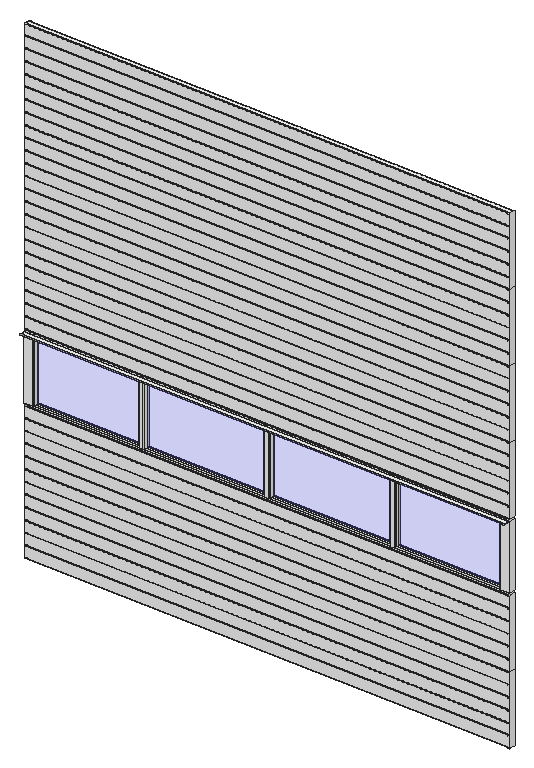
Revit family
Parameters (values of type "By Type")
  Windload = "Doors available rated for various design pressures; consult Clopay for avaialbility and specifications"
  VisSection6 = NumSections = 6  # no
  VisSection5 = NumSections > 4  # yes
  VisSection4 = NumSections > 3  # yes
  VisSection3 = NumSections > 2  # yes
  VisArray = NumSections > 6  # yes
  URL = "www.clopaydoor.com"
  Track = "Galvanized steel (gauge varies according to door size)"
  Thickness = 0' - 2"  # constant formula
  Spec Wizard = "http://www.arcat.com/specwizard/08360clo/index.htm"
  Section Height = Height / NumSections  # 2' - 0"
  Section 5 Glazing = Section : Solid
  Section 4 Glazing = Section : Solid
  Section 3 Glazing = Full Vision Section : Intermediate
  Sales Information = "http://www.clopaydoor.com/where-to-buy.aspx?type=dealer"
  Rough Width = 0' - 0"  # constant formula
  Rough Height = 0' - 0"  # constant formula
  R-Value = "17.2"
  Product Features and Benefits = "http://www.clopaydoor.com/insulated-polyurethane-applications.aspx"
  Overlapping Jamb = yes
  Overlap = if(Overlapping Jamb, 0' 1", 0' 0")  # 0' - 1"
  Opening Width = 14' - 0"
  Opening Height = 14' - 0"
  Omniclass Table = "23-30 10 17 37 "
  NumSectionsNotRounded = Height / 2' 0"  # 7
  NumSections = NumSectionsNotRounded + 0.4999  # 7
  NumArraySections = if(NumSections > 6, NumSections - 5, 2)  # 2
  Model = "3722"
  Maximum Size = "Maximum 32' 2'' wide by 26' 0'' high. Additional limitations may apply do to door weight. Consult Clopay for specificiations and shop drawings."  # constant formula
  Manufacturer Website = "http://www.clopaydoor.com"
  Manufacturer Phone Number = "1-800-526-4301"
  Manufacturer Address = "1400 W. Market St., Troy, OH 45373"
  Manufacturer = "Clopay Building Products Company"
  LEED = "http://products.construction.com/swts_content_files/151607/303186.pdf"
  Keynote = "08 36 13"
  Interior Steel = "28 ga. galvanized, primed, and finish painted"
  Hardware = "14 ga. min. steel hinges; 10-ball steel rollers"
  GreenFormat = "http://www.greenformat.com/products/1536-Polyurethane%20Insulated%20Doors.rtf"
  Function = (empty or 0)
  Height = Opening Height + Rough Width * 0  # 14' - 0"
  Wall Closure = (empty or 0)
  Width = Opening Width + Rough Width * 0  # 14' - 0"
  FloorToSection7 = 6 * Section Height  # 12' - 0"
  FloorToSection6 = 5 * Section Height  # 10' - 0"
  FloorToSection5 = 4 * Section Height  # 8' - 0"
  FloorToSection4 = 3 * Section Height  # 6' - 0"
  FloorToSection3 = 2 * Section Height  # 4' - 0"
  FloorToSection2 = Section Height  # 2' - 0"
  File Revision = "02 (August, 2012)"
  Exterior Steel = "20 ga. galvanized, primed, and finish painted"
  Double End Stiles = Door Width > 14' 2"  # no
  Door Width = Opening Width + Overlap * 2  # 14' - 2"
  Door Height = Opening Height + Rough Width * 0  # 14' - 0"
  Description = "2'' thick polyurethane insulated, stucco embossed 20 gauge steel flush exterior."
  Core Material = "Expanded polyurethane"
  Copyright = "2010, Clopay Building Products Company, Inc."
  Color = White
  CAD and Specifications = "http://www.clopaydoor.com/insulated-polyurethane-specs.aspx"
  Assembly Code = "B2030410"
Reference planes (in)
  plane 1 "Center (Front/Back)": y = 0
  plane 2 "Center (Left/Right)": x = 0
  plane 3 "Left": x = -84
  plane 4 "Right": x = 84
  plane 5 "Top": z = 168
  plane 6 "Exterior": y = 3
  plane 7 "Interior": y = -3
  plane 8: z = 120
  plane 9: z = 144
Lines and regions (in)
  Opening 1
    outline origin (-90, -3, 0) x (1, 0, 0) y (0, 0, 1)
      loop
        line (6, 0) -> (174, 0) -> (174, 168) -> (6, 168) -> (6, 0)
Text (in)
  text "Exterior" at (-74.96733, 27.31104, 0), in view "Ref. Level"
  text "Interior" at (-74.96733, -25.14366, 0), in view "Ref. Level"
  text "Exterior" at (0, 40.15149, 123.01588), in view "Right"
  text "Interior" at (0, -64.39139, 123.01588), in view "Right"
  text "Interior" at (0, -31.01599, 123.00693), in view "Left"
  text "Exterior" at (0, 54.57065, 123.00693), in view "Left"
Dimensions and locks (in)
  equal spacing: plane 3 "Left", plane 2 "Center (Left/Right)", plane 4 "Right"
  "Height": level to plane 5 "Top"
  "Width": plane 3 "Left" to plane 4 "Right"
  host wall to plane 5 "Top" = 14' - 0"
  nested 1 to plane 7 "Interior" = 0' - 0 1/2"
  "FloorToSection6": plane 8 to level
  "FloorToSection7": plane 9 to level
  group 1 to group 2 = 0' - 0"  (x2)
  group 1 to group 2 = 2' - 0"
  host wall to host wall = 67' - 6"
  aligned and locked: plane 3 "Left" to Opening 1 sketch curve
  aligned and locked: plane 5 "Top" to Opening 1 sketch curve
  aligned and locked: Opening 1 sketch curve to plane 5 "Top"
  aligned and locked: Opening 1 sketch curve to plane 4 "Right"
  aligned and locked: Opening 1 sketch curve to level
  aligned and locked: plane 6 "Exterior" to host wall
  aligned and locked: host wall to plane 7 "Interior"
  aligned and locked: plane 2 "Center (Left/Right)" to nested 2
  aligned and locked: plane 2 "Center (Left/Right)" to nested 3
  aligned and locked: plane 2 "Center (Left/Right)" to nested 4
  aligned and locked: plane 2 "Center (Left/Right)" to nested 5
  aligned and locked: plane 2 "Center (Left/Right)" to nested 7
  aligned and locked: nested 7 to plane 8
  aligned and locked: nested 8 to plane 9
  aligned and locked: plane 7 "Interior" to nested 2
  aligned and locked: plane 7 "Interior" to nested 7
  aligned and locked: host wall to nested 8
  aligned and locked: plane 7 "Interior" to nested 3
  aligned and locked: host wall to nested 3
  aligned and locked: plane 7 "Interior" to nested 1
  aligned and locked: nested 2 to host wall
  aligned and locked: plane 7 "Interior" to nested 6
  aligned and locked: plane 7 "Interior" to nested 5
  aligned and locked: host wall to nested 7
  aligned and locked: plane 7 "Interior" to nested 4
Nested families (in)
  nested 1: "Section" at (0, 0, 0), type "Solid"
  nested 2: "Section" at (0, 0, 24), built-in parameter 1001364 <- "Section Height", type "Solid"
  nested 3: "Full Vision Section" at (0, 0, 48), type <- "Section 3 Glazing", built-in parameter 1001364 <- "FloorToSection3", visible <- "VisSection3", type "Intermediate"
    with SingleStileVis no, Rail Width 14' - 1 13/16", NumIntStiles 3, Half Rail Width 7' - 0 29/32", Half Door Width 7' - 1", Glass Width 14' - 0 13/16", Edge to 1st Int Stile 3' - 5", Door Width 14' - 2", ArrayStileVis yes, ArrayIntStiles 3
  nested 4: "Section" at (0, 0, 120), built-in parameter 1001364 <- "FloorToSection6", visible <- "VisSection6", type "Solid"
  nested 5: "Section" at (0, 0, 96), built-in parameter 1001364 <- "FloorToSection5", type <- "Section 5 Glazing", visible <- "VisSection5", type "Solid"
  nested 6: "Section" at (0, 0, 72), type <- "Section 4 Glazing", built-in parameter 1001364 <- "FloorToSection4", visible <- "VisSection4", type "Solid"
  nested 7: "Section" at (0, 0, 120), visible <- "VisArray", type "Solid"
  nested 8: "Section" at (0, 0, 144), visible <- "VisArray", type "Solid"
  nested 9: "Section" at (0, 4.67704, 636.93806), type "Windows - 24x8", not visible
  nested 10: "Section" at (0, 4.63986, 609.3176), type "Windows - 24x12", not visible
Definition of nested family "Section"
  Parameters (values of type "Windows - 24x12")
    X9 = if(if(NumArrayedWindows < NumWindows, NumArrayedWindows + 1, NumWindows) < 9, X1, X8 + WindowSpacing)  # 0' - 7 1/2"
    X8 = if(if(NumArrayedWindows < NumWindows, NumArrayedWindows + 1, NumWindows) < 8, X1, X7 + WindowSpacing)  # 0' - 7 1/2"
    X7 = if(if(NumArrayedWindows < NumWindows, NumArrayedWindows + 1, NumWindows) < 7, X1, X6 + WindowSpacing)  # 0' - 7 1/2"
    X6 = if(if(NumArrayedWindows < NumWindows, NumArrayedWindows + 1, NumWindows) < 6, X1, X5 + WindowSpacing)  # 0' - 7 1/2"
    X5 = if(if(NumArrayedWindows < NumWindows, NumArrayedWindows + 1, NumWindows) < 5, X1, X4 + WindowSpacing)  # 0' - 7 1/2"
    X4 = if(if(NumArrayedWindows < NumWindows, NumArrayedWindows + 1, NumWindows) < 4, X1, X3 + WindowSpacing)  # 11' - 7 1/2"
    X3 = if(NumWindows < 3, X1, X2 + WindowSpacing)  # 7' - 11 1/2"
    X2 = if(NumWindows < 2, ((Door Width - (NumWindows - 1) * WindowSpacing) / 2 - Cutout Width / 2), ((Door Width - (NumWindows - 1) * WindowSpacing) / 2 - Cutout Width / 2) + WindowSpacing)  # 4' - 3 1/2"
    Windows = 37xx Window Array : 24x12
    WindowVis = yes
    WindowSpacing = if(and(Door Width < 10' 0", Door Width > 9' 2"), 3' 4", 3' 8")  # 3' - 8"
    WindowCutDepth = 0' - 2"
    Section Height = 2' - 0"
    RibSpacing = Section Height / (NumRibs + 1)  # 0' - 4"
    NumWindows = if(Door Width < 9' 4", 2, if(Door Width < 13' 4", 3, if(Door Width < 16' 4", 4, if(Door Width < 20' 4", 5, if(Door Width < 24' 4", 6, if(Door Width < 26' 4", 7, if(Door Width < 31' 8", 8, 10)))))))  # 4
    NumRibs = if(Section Height < 1' 9", 3, if(Section Height < 2' 0", 4, 5))  # 5
    NumArrayedWindows = if(X2 = X1, NumWindows - 2, NumWindows)  # 4
    Half Section Height = Section Height / 2  # 1' - 0"
    Half Door Width Neg = -Half Door Width  # -7' - 1"
    Half Door Width = Door Width / 2  # 7' - 1"
    Half Cutout Height = Cutout Height / 2  # 0' - 5 1/2"
    Function = (empty or 0)
    Height = 0' - 0"
    Wall Closure = (empty or 0)
    Width = 0' - 0"
    X1 = if(or(Door Width > 31' 6", and(Door Width > 26' 2", Door Width < 28' 1"), Door Width = 24' 3", Door Width = 24' 4", and(Door Width > 20' 2", Door Width < 20' 11"), and(Door Width > 16' 2", Door Width < 17' 3")), X2, (Door Width - (NumWindows - 1) * WindowSpacing) / 2 - Cutout Width / 2)  # 0' - 7 1/2"
    Door Width = 14' - 2"
    CutoutToCutout = 1' - 0"
    Cutout Width = 1' - 11"
    Cutout Height = 0' - 11"
    Color = White
    BtmTo1stRib = RibSpacing  # 0' - 4"
    Assembly Code = ""
  Types (3): name | Windows | WindowVis | WindowCutDepth | Half Cutout Height | Cutout Height
    Windows - 24x12 | 37xx Window Array : 24x12 | yes | 0' - 2" | 0' - 5 1/2" | 0' - 11"
    Windows - 24x8 | 37xx Window Array : 24x8 | yes | 0' - 2" | 0' - 3 1/2" | 0' - 7"
    Solid | 37xx Window Array : 24x8 | no | -0' - 0 13/128" | 0' - 3 1/2" | 0' - 7"
  Reference planes (in)
    plane 1 "Center (Front/Back)": y = 0
    plane 2 "Center (Left/Right)": x = 0
    plane 3 "Exterior": y = 3
    plane 4 "Interior": y = -3
    plane 5: y = -3.5
    plane 6: x = 85
    plane 7: x = -85
    plane 8: z = 4
    plane 9: z = 8
    plane 10: z = 24
    plane 11: z = 12
    plane 12: z = 0
  Forms (in)
    Extrusion 1, solid, material "White" <- "Color"
      sketch origin (-85, -12, 83.08252) x (0, 0, 1) y (0, -1, 0)
        loop
          line (-59.08252, -8.37573) -> (-59.08252, -6.62444)
          arc (-59.08252, -6.62444) -> (-59.11897, -6.53645) -> (-59.20696, -6.5) r 0.12444
          line (-59.20696, -6.5) -> (-82.95809, -6.5)
          arc (-82.95809, -6.5) -> (-83.04608, -6.53645) -> (-83.08252, -6.62444) r 0.12444
          line (-83.08252, -6.62444) -> (-83.08252, -8.37573)
          arc (-83.08252, -8.37573) -> (-83.04612, -8.4636) -> (-82.95825, -8.5) r 0.12427
          line (-82.95825, -8.5) -> (-59.20679, -8.5)
          arc (-59.20679, -8.5) -> (-59.11892, -8.4636) -> (-59.08252, -8.37573) r 0.12427
      from 0 to 170 <- "Door Width"
    Extrusion 2, void
      sketch origin (0, -8.99984, -0.5) x (0, 1, 0) y (0, 0, -1)
        loop
          line (3.5, -4.62727) -> (3.53032, -4.58058)
          arc (3.53032, -4.58058) -> (3.53753, -4.56494) -> (3.54, -4.5479) r 0.06
          line (3.54, -4.5479) -> (3.54, -4.4521)
          arc (3.54, -4.4521) -> (3.53753, -4.43506) -> (3.53032, -4.41942) r 0.06
          line (3.53032, -4.41942) -> (3.5, -4.37273) -> (3.5, -4.62727)
      from -85 <- "Half Door Width Neg" to 170 <- "Door Width"
    Extrusion 3, void
      sketch origin (0, -8.99984, 3.5) x (0, 1, 0) y (0, 0, -1)
        loop
          line (3.5, -4.62727) -> (3.53032, -4.58058)
          arc (3.53032, -4.58058) -> (3.53753, -4.56494) -> (3.54, -4.5479) r 0.06
          line (3.54, -4.5479) -> (3.54, -4.4521)
          arc (3.54, -4.4521) -> (3.53753, -4.43506) -> (3.53032, -4.41942) r 0.06
          line (3.53032, -4.41942) -> (3.5, -4.37273) -> (3.5, -4.62727)
      from -85 <- "Half Door Width Neg" to 170 <- "Door Width"
    Extrusion 4, void
      sketch origin (0, -8.99984, 7.5) x (0, 1, 0) y (0, 0, -1)
        loop
          line (3.5, -4.62727) -> (3.53032, -4.58058)
          arc (3.53032, -4.58058) -> (3.53753, -4.56494) -> (3.54, -4.5479) r 0.06
          line (3.54, -4.5479) -> (3.54, -4.4521)
          arc (3.54, -4.4521) -> (3.53753, -4.43506) -> (3.53032, -4.41942) r 0.06
          line (3.53032, -4.41942) -> (3.5, -4.37273) -> (3.5, -4.62727)
      from -85 <- "Half Door Width Neg" to 170 <- "Door Width"
    Extrusion 5, void
      sketch origin (-98.15385, -3.5, 48) x (1, 0, 0) y (0, 0, 1)
        loop
          line (175.65385, -30.5) -> (152.65385, -30.5) -> (152.65385, -36) -> (175.65385, -36) -> (175.65385, -30.5)
      from 0 to 2 <- "WindowCutDepth"
    Extrusion 6, void
      sketch origin (-98.15385, -3.5, -24) x (1, 0, 0) y (0, 0, 1)
        loop
          line (175.65385, 30.5) -> (175.65385, 36) -> (152.65385, 36) -> (152.65385, 30.5) -> (175.65385, 30.5)
      from 0 to 2 <- "WindowCutDepth"
    Extrusion 7, void
      sketch origin (-136.15385, -3.5, 48) x (1, 0, 0) y (0, 0, 1)
        loop
          line (169.65385, -30.5) -> (146.65385, -30.5) -> (146.65385, -36) -> (169.65385, -36) -> (169.65385, -30.5)
      from 0 to 2 <- "WindowCutDepth"
    Extrusion 8, void
      sketch origin (-136.15385, -3.5, -24) x (1, 0, 0) y (0, 0, 1)
        loop
          line (169.65385, 30.5) -> (169.65385, 36) -> (146.65385, 36) -> (146.65385, 30.5) -> (169.65385, 30.5)
      from 0 to 2 <- "WindowCutDepth"
    Extrusion 9, void
      sketch origin (-171.15385, -3.5, 48) x (1, 0, 0) y (0, 0, 1)
        loop
          line (160.65385, -30.5) -> (137.65385, -30.5) -> (137.65385, -36) -> (160.65385, -36) -> (160.65385, -30.5)
      from 0 to 2 <- "WindowCutDepth"
    Extrusion 10, void
      sketch origin (-171.15385, -3.5, -24) x (1, 0, 0) y (0, 0, 1)
        loop
          line (160.65385, 30.5) -> (160.65385, 36) -> (137.65385, 36) -> (137.65385, 30.5) -> (160.65385, 30.5)
      from 0 to 2 <- "WindowCutDepth"
    Extrusion 11, void
      sketch origin (-214.15385, -3.5, 48) x (1, 0, 0) y (0, 0, 1)
        loop
          line (159.65385, -30.5) -> (136.65385, -30.5) -> (136.65385, -36) -> (159.65385, -36) -> (159.65385, -30.5)
      from 0 to 2 <- "WindowCutDepth"
    Extrusion 12, void
      sketch origin (-214.15385, -3.5, -24) x (1, 0, 0) y (0, 0, 1)
        loop
          line (159.65385, 30.5) -> (159.65385, 36) -> (136.65385, 36) -> (136.65385, 30.5) -> (159.65385, 30.5)
      from 0 to 2 <- "WindowCutDepth"
    Extrusion 13, void
      sketch origin (-256.15385, -3.5, 48) x (1, 0, 0) y (0, 0, 1)
        loop
          line (333.65385, -30.5) -> (310.65385, -30.5) -> (310.65385, -36) -> (333.65385, -36) -> (333.65385, -30.5)
      from 0 to 2 <- "WindowCutDepth"
    Extrusion 14, void
      sketch origin (-256.15385, -3.5, -24) x (1, 0, 0) y (0, 0, 1)
        loop
          line (333.65385, 30.5) -> (333.65385, 36) -> (310.65385, 36) -> (310.65385, 30.5) -> (333.65385, 30.5)
      from 0 to 2 <- "WindowCutDepth"
    Extrusion 15, void
      sketch origin (-294.15385, -3.5, 48) x (1, 0, 0) y (0, 0, 1)
        loop
          line (371.65385, -30.5) -> (348.65385, -30.5) -> (348.65385, -36) -> (371.65385, -36) -> (371.65385, -30.5)
      from 0 to 2 <- "WindowCutDepth"
    Extrusion 16, void
      sketch origin (-294.15385, -3.5, -24) x (1, 0, 0) y (0, 0, 1)
        loop
          line (371.65385, 30.5) -> (371.65385, 36) -> (348.65385, 36) -> (348.65385, 30.5) -> (371.65385, 30.5)
      from 0 to 2 <- "WindowCutDepth"
    Extrusion 17, void
      sketch origin (-331.15385, -3.5, 48) x (1, 0, 0) y (0, 0, 1)
        loop
          line (408.65385, -30.5) -> (385.65385, -30.5) -> (385.65385, -36) -> (408.65385, -36) -> (408.65385, -30.5)
      from 0 to 2 <- "WindowCutDepth"
    Extrusion 18, void
      sketch origin (-331.15385, -3.5, -24) x (1, 0, 0) y (0, 0, 1)
        loop
          line (408.65385, 30.5) -> (408.65385, 36) -> (385.65385, 36) -> (385.65385, 30.5) -> (408.65385, 30.5)
      from 0 to 2 <- "WindowCutDepth"
    Extrusion 19, void
      sketch origin (-368.15385, -3.5, 48) x (1, 0, 0) y (0, 0, 1)
        loop
          line (445.65385, -30.5) -> (422.65385, -30.5) -> (422.65385, -36) -> (445.65385, -36) -> (445.65385, -30.5)
      from 0 to 2 <- "WindowCutDepth"
    Extrusion 20, void
      sketch origin (-368.15385, -3.5, -24) x (1, 0, 0) y (0, 0, 1)
        loop
          line (445.65385, 30.5) -> (445.65385, 36) -> (422.65385, 36) -> (422.65385, 30.5) -> (445.65385, 30.5)
      from 0 to 2 <- "WindowCutDepth"
    Extrusion 21, void
      sketch origin (-407.15385, -3.5, 48) x (1, 0, 0) y (0, 0, 1)
        loop
          line (484.65385, -30.5) -> (461.65385, -30.5) -> (461.65385, -36) -> (484.65385, -36) -> (484.65385, -30.5)
      from 0 to 2 <- "WindowCutDepth"
    Extrusion 22, void
      sketch origin (-407.15385, -3.5, -24) x (1, 0, 0) y (0, 0, 1)
        loop
          line (484.65385, 30.5) -> (484.65385, 36) -> (461.65385, 36) -> (461.65385, 30.5) -> (484.65385, 30.5)
      from 0 to 2 <- "WindowCutDepth"
    Extrusion 23, void
      sketch origin (0, -8.99984, 11.5) x (0, 1, 0) y (0, 0, -1)
        loop
          line (3.5, -4.62727) -> (3.53032, -4.58058)
          arc (3.53032, -4.58058) -> (3.53753, -4.56494) -> (3.54, -4.5479) r 0.06
          line (3.54, -4.5479) -> (3.54, -4.4521)
          arc (3.54, -4.4521) -> (3.53753, -4.43506) -> (3.53032, -4.41942) r 0.06
          line (3.53032, -4.41942) -> (3.5, -4.37273) -> (3.5, -4.62727)
      from -85 <- "Half Door Width Neg" to 170 <- "Door Width"
    Extrusion 24, void
      sketch origin (0, -8.99984, 15.5) x (0, 1, 0) y (0, 0, -1)
        loop
          line (3.5, -4.62727) -> (3.53032, -4.58058)
          arc (3.53032, -4.58058) -> (3.53753, -4.56494) -> (3.54, -4.5479) r 0.06
          line (3.54, -4.5479) -> (3.54, -4.4521)
          arc (3.54, -4.4521) -> (3.53753, -4.43506) -> (3.53032, -4.41942) r 0.06
          line (3.53032, -4.41942) -> (3.5, -4.37273) -> (3.5, -4.62727)
      from -85 <- "Half Door Width Neg" to 170 <- "Door Width"
  Cuts and joins
    Extrusion 2, Extrusion 3, Extrusion 4, Extrusion 5, Extrusion 6, Extrusion 7, Extrusion 8, Extrusion 9, Extrusion 10, Extrusion 11, Extrusion 12, Extrusion 13, Extrusion 14, Extrusion 15, Extrusion 16, Extrusion 17, Extrusion 18, Extrusion 19, Extrusion 20, Extrusion 21, Extrusion 22, Extrusion 23, Extrusion 24 cuts Extrusion 1
  Lines and regions (in)
    reference lines
      curve 1: line (-72, -3.54, 4) -> (-72, -3.5, 4)
      curve 2: line (-72, -5.45984, 4) -> (-72, -5.49984, 4)
      curve 3: line (-72, -3.54, 8) -> (-72, -3.5, 8)
      curve 4: line (-72, -3.54, 12) -> (-72, -3.5, 12)
      curve 5: line (-72, -5.45984, 4) -> (-72, -5.49984, 4)
      curve 6: line (-72, -5.45984, 8) -> (-72, -5.49984, 8)
      curve 7: line (-72, -5.45984, 12) -> (-72, -5.49984, 12)
      curve 8: line (-72, -3.54, 16) -> (-72, -3.5, 16)
      curve 9: line (-72, -5.45984, 16) -> (-72, -5.49984, 16)
      curve 10: line (-72, -3.54, 20) -> (-72, -3.5, 20)
      curve 11: line (-72, -5.45984, 20) -> (-72, -5.49984, 20)
  Text (in)
    text "Exterior" at (-74.96733, 27.31104, 0), in view "Ref. Level"
    text "Interior" at (-74.96733, -25.14366, 0), in view "Ref. Level"
    text "Exterior" at (0, 40.15149, 123.01588), in view "Right"
    text "Interior" at (0, -64.39139, 123.01588), in view "Right"
    text "Interior" at (0, -31.01599, 123.00693), in view "Left"
    text "Exterior" at (0, 54.57065, 123.00693), in view "Left"
  Dimensions and locks (in)
    plane 4 "Interior" to plane 5 = 0' - 0 1/2"
    "Half Door Width": plane 2 "Center (Left/Right)" to plane 7
    "Half Door Width": plane 6 to plane 2 "Center (Left/Right)"
    Extrusion 1 sketch curve to Extrusion 1 sketch curve = 0' - 2"
    "BtmTo1stRib": plane 8 to level
    "RibSpacing": plane 9 to plane 8
    "Section Height": plane 10 to level
    equal spacing: group 1, group 2, group 3, group 4, group 5  (x3)
    Extrusion 2 sketch curve to Extrusion 2 sketch curve = 0' - 0.25454"
    Extrusion 2 sketch curve to Extrusion 2 sketch curve = 0' - 0.04"  (x2)
    Extrusion 2 sketch curve to curve 5 = 0' - 0.12727"
    Extrusion 3 sketch curve to Extrusion 3 sketch curve = 0' - 0.25454"
    Extrusion 3 sketch curve to Extrusion 3 sketch curve = 0' - 0.04"  (x2)
    Extrusion 3 sketch curve to curve 6 = 0' - 0.12727"
    Extrusion 4 sketch curve to Extrusion 4 sketch curve = 0' - 0.25454"
    Extrusion 4 sketch curve to Extrusion 4 sketch curve = 0' - 0.04"  (x2)
    Extrusion 4 sketch curve to curve 7 = 0' - 0.12727"
    "Half Section Height": level to plane 11
    "Cutout Width": Extrusion 5 sketch curve to Extrusion 5 sketch curve
    "Half Cutout Height": Extrusion 5 sketch curve to Extrusion 5 sketch curve
    "Cutout Width": Extrusion 6 sketch curve to Extrusion 6 sketch curve
    "Half Cutout Height": Extrusion 6 sketch curve to Extrusion 6 sketch curve
    "X1": cut or joined group 1 (Extrusion 1, Extrusion 2, Extrusion 3, Extrusion 4, Extrusion 5, Extrusion 6, Extrusion 7, Extrusion 8, Extrusion 9, Extrusion 10, Extrusion 11, Extrusion 12, Extrusion 13, Extrusion 14, Extrusion 15, Extrusion 16, Extrusion 17, Extrusion 18, Extrusion 19, Extrusion 20, Extrusion 21, Extrusion 22, Extrusion 23, Extrusion 24) to cut or joined group 1
    "Cutout Width": Extrusion 7 sketch curve to Extrusion 7 sketch curve
    "Half Cutout Height": Extrusion 7 sketch curve to Extrusion 7 sketch curve
    "Cutout Width": Extrusion 8 sketch curve to Extrusion 8 sketch curve
    "Half Cutout Height": Extrusion 8 sketch curve to Extrusion 8 sketch curve
    "Cutout Width": Extrusion 9 sketch curve to Extrusion 9 sketch curve
    "Half Cutout Height": Extrusion 9 sketch curve to Extrusion 9 sketch curve
    "Cutout Width": Extrusion 10 sketch curve to Extrusion 10 sketch curve
    "Half Cutout Height": Extrusion 10 sketch curve to Extrusion 10 sketch curve
    "X2": plane 6 to cut or joined group 1
    "X3": plane 6 to cut or joined group 1
    "Cutout Width": Extrusion 11 sketch curve to Extrusion 11 sketch curve
    "Half Cutout Height": Extrusion 11 sketch curve to Extrusion 11 sketch curve
    "Cutout Width": Extrusion 12 sketch curve to Extrusion 12 sketch curve
    "Half Cutout Height": Extrusion 12 sketch curve to Extrusion 12 sketch curve
    "Cutout Width": Extrusion 13 sketch curve to Extrusion 13 sketch curve
    "Half Cutout Height": Extrusion 13 sketch curve to Extrusion 13 sketch curve
    "Cutout Width": Extrusion 14 sketch curve to Extrusion 14 sketch curve
    "Half Cutout Height": Extrusion 14 sketch curve to Extrusion 14 sketch curve
    "Cutout Width": Extrusion 15 sketch curve to Extrusion 15 sketch curve
    "Half Cutout Height": Extrusion 15 sketch curve to Extrusion 15 sketch curve
    "Cutout Width": Extrusion 16 sketch curve to Extrusion 16 sketch curve
    "Half Cutout Height": Extrusion 16 sketch curve to Extrusion 16 sketch curve
    "Cutout Width": Extrusion 17 sketch curve to Extrusion 17 sketch curve
    "Half Cutout Height": Extrusion 17 sketch curve to Extrusion 17 sketch curve
    "Cutout Width": Extrusion 18 sketch curve to Extrusion 18 sketch curve
    "Half Cutout Height": Extrusion 18 sketch curve to Extrusion 18 sketch curve
    "Cutout Width": Extrusion 19 sketch curve to Extrusion 19 sketch curve
    "Half Cutout Height": Extrusion 19 sketch curve to Extrusion 19 sketch curve
    "Cutout Width": Extrusion 20 sketch curve to Extrusion 20 sketch curve
    "Half Cutout Height": Extrusion 20 sketch curve to Extrusion 20 sketch curve
    "Cutout Width": Extrusion 21 sketch curve to Extrusion 21 sketch curve
    "Half Cutout Height": Extrusion 21 sketch curve to Extrusion 21 sketch curve
    "Cutout Width": Extrusion 22 sketch curve to Extrusion 22 sketch curve
    "Half Cutout Height": Extrusion 22 sketch curve to Extrusion 22 sketch curve
    "X4": plane 6 to cut or joined group 1
    "X5": plane 6 to cut or joined group 1
    "X6": plane 6 to cut or joined group 1
    "X7": plane 6 to cut or joined group 1
    "X8": plane 6 to cut or joined group 1
    "X9": plane 6 to cut or joined group 1
    locked: nested 1 to cut or joined group 1 at 1  (x2)
    locked: nested 1 to cut or joined group 1 at 0.125
    Extrusion 23 sketch curve to Extrusion 23 sketch curve = 0' - 0.25454"
    Extrusion 23 sketch curve to Extrusion 23 sketch curve = 0' - 0.04"  (x2)
    Extrusion 23 sketch curve to curve 9 = 0' - 0.12727"
    Extrusion 24 sketch curve to Extrusion 24 sketch curve = 0' - 0.25454"
    Extrusion 24 sketch curve to Extrusion 24 sketch curve = 0' - 0.04"  (x2)
    Extrusion 24 sketch curve to curve 11 = 0' - 0.12727"
    locked: plane 4 "Interior" to cut or joined group 1 at 0.5
    radius of Extrusion 1 sketch curve = 0' - 0.12427"  (x2)
    radius of Extrusion 1 sketch curve = 0' - 0.12444"  (x2)
    angle Extrusion 2 sketch curve to Extrusion 2 sketch curve = 147.00°  (x2)
    angle Extrusion 3 sketch curve to Extrusion 3 sketch curve = 147.00°  (x2)
    angle Extrusion 4 sketch curve to Extrusion 4 sketch curve = 147.00°  (x2)
    angle Extrusion 23 sketch curve to Extrusion 23 sketch curve = 147.00°  (x2)
    angle Extrusion 24 sketch curve to Extrusion 24 sketch curve = 147.00°  (x2)
    aligned and locked: Extrusion 1 sketch curve to plane 5
    aligned and locked: plane 8 to curve 1
    aligned and locked: plane 9 to curve 3
    aligned and locked: Extrusion 5 sketch curve to plane 11
    aligned and locked: plane 11 to Extrusion 6 sketch curve
    aligned and locked: cut or joined group 1 to cut or joined group 1  (x9)
    aligned and locked: plane 12 to level
  Automatic sketch dimensions
    curve 2 to curve 1 = 0' - 1.91984"
    curve 1 to curve 1 = 0' - 0.04"  (x2)
    curve 1 to curve 2 = 0' - 1.91984"
    curve 2 to curve 2 = 0' - 0.04"  (x2)
    curve 5 to curve 1 = 0' - 0"
    curve 1 to curve 5 = 0' - 1.91984"
    curve 5 to curve 5 = 0' - 0.04"
    Extrusion 2 sketch curve to Extrusion 2 sketch curve = 0' - 0"
    Extrusion 2 sketch curve to Extrusion 2 sketch curve = 0' - 0.02"
    Extrusion 2 sketch curve to Extrusion 2 sketch curve = 0' - 0.00968"  (x2)
    curve 6 to curve 3 = 0' - 0"
    curve 3 to curve 3 = 0' - 0.04"
    curve 3 to curve 6 = 0' - 1.91984"
    curve 6 to curve 6 = 0' - 0.04"
    curve 7 to curve 4 = 0' - 0"
    curve 4 to curve 4 = 0' - 0.04"
    curve 4 to curve 7 = 0' - 1.91984"
    curve 7 to curve 7 = 0' - 0.04"
    Extrusion 4 sketch curve to Extrusion 4 sketch curve = 0' - 0.00968"
    Extrusion 3 sketch curve to Extrusion 3 sketch curve = 0' - 0.00968"
    curve 2 to plane 8 = 0' - 0"
    curve 2 to plane 5 = 0' - 1.95984"
    Extrusion 5 sketch curve to plane 6 = 2' - 6 1/2"
    Extrusion 6 sketch curve to plane 6 = 2' - 6 1/2"
    Extrusion 7 sketch curve to plane 11 = 0' - 0"
    Extrusion 7 sketch curve to plane 6 = 6' - 2 1/2"
    Extrusion 8 sketch curve to plane 11 = 0' - 0"
    Extrusion 8 sketch curve to plane 6 = 6' - 2 1/2"
    Extrusion 9 sketch curve to plane 11 = 0' - 0"
    Extrusion 9 sketch curve to plane 6 = 9' - 10 1/2"
    Extrusion 10 sketch curve to plane 11 = 0' - 0"
    Extrusion 10 sketch curve to plane 6 = 9' - 10 1/2"
    Extrusion 11 sketch curve to plane 11 = 0' - 0"
    Extrusion 11 sketch curve to plane 2 "Center (Left/Right)" = 6' - 5 1/2"
    Extrusion 12 sketch curve to plane 11 = 0' - 0"
    Extrusion 12 sketch curve to plane 2 "Center (Left/Right)" = 6' - 5 1/2"
    Extrusion 13 sketch curve to plane 11 = 0' - 0"
    plane 2 "Center (Left/Right)" to Extrusion 13 sketch curve = 4' - 6 1/2"
    Extrusion 14 sketch curve to plane 11 = 0' - 0"
    plane 2 "Center (Left/Right)" to Extrusion 14 sketch curve = 4' - 6 1/2"
    Extrusion 15 sketch curve to plane 11 = 0' - 0"
    plane 2 "Center (Left/Right)" to Extrusion 15 sketch curve = 4' - 6 1/2"
    Extrusion 16 sketch curve to plane 11 = 0' - 0"
    plane 2 "Center (Left/Right)" to Extrusion 16 sketch curve = 4' - 6 1/2"
    Extrusion 17 sketch curve to plane 11 = 0' - 0"
    plane 2 "Center (Left/Right)" to Extrusion 17 sketch curve = 4' - 6 1/2"
    Extrusion 18 sketch curve to plane 11 = 0' - 0"
    plane 2 "Center (Left/Right)" to Extrusion 18 sketch curve = 4' - 6 1/2"
    Extrusion 19 sketch curve to plane 11 = 0' - 0"
    plane 7 to Extrusion 19 sketch curve = 11' - 7 1/2"
    Extrusion 20 sketch curve to plane 11 = 0' - 0"
    plane 7 to Extrusion 20 sketch curve = 11' - 7 1/2"
    Extrusion 21 sketch curve to plane 11 = 0' - 0"
    plane 7 to Extrusion 21 sketch curve = 11' - 7 1/2"
    Extrusion 22 sketch curve to plane 11 = 0' - 0"
    plane 7 to Extrusion 22 sketch curve = 11' - 7 1/2"
    Extrusion 1 sketch curve to plane 10 = 0' - 0"
    Extrusion 1 sketch curve to level = 0' - 0"
    curve 9 to curve 8 = 0' - 0"
    curve 8 to curve 8 = 0' - 0.04"
    curve 8 to curve 9 = 0' - 1.91984"
    curve 9 to curve 9 = 0' - 0.04"
    Extrusion 23 sketch curve to Extrusion 23 sketch curve = 0' - 0"
    Extrusion 23 sketch curve to Extrusion 23 sketch curve = 0' - 0.02"
    Extrusion 23 sketch curve to Extrusion 23 sketch curve = 0' - 0.00968"  (x2)
    curve 11 to curve 10 = 0' - 0"
    curve 10 to curve 10 = 0' - 0.04"
    curve 10 to curve 11 = 0' - 1.91984"
    curve 11 to curve 11 = 0' - 0.04"
    Extrusion 24 sketch curve to Extrusion 24 sketch curve = 0' - 0"
    Extrusion 24 sketch curve to Extrusion 24 sketch curve = 0' - 0.02"
    Extrusion 24 sketch curve to Extrusion 24 sketch curve = 0' - 0.00968"  (x2)
  Nested families (in)
    nested 1: "37xx Window Array" at (66, -3.375, 7.5) x (-1, 0, 0) z (0, 0, 1), type <- "Windows", visible <- "WindowVis", type "24x12"
      with NumWindows 4
  Definition of nested family "37xx Window Array"
    Parameters (values of type "24x8")
      Window Spacing = 3' - 8"
      NumWindows = 3
      Frame Width = 2' - 1"
      Frame Height = 0' - 9"
      Color = White
      Assembly Code = ""
    Types (2): name | Frame Height | Color
      24x8 | 0' - 9" | White
      24x12 | 1' - 1" | none
    Reference planes (in)
      plane 1 "Center (Front/Back)": y = 0
      plane 2: z = 0
      plane 3 "Center (Left/Right)": x = 0
      plane 4: y = -1
    Forms (in)
      Extrusion 1, solid, material "White" <- "Color"
        sketch origin (-1.38592, 0, 0) x (1, 0, 0) y (0, 0, 1)
          loop
            line (-8.86408, 1.625) -> (11.63592, 1.625)
            arc (11.63592, 1.625) -> (12.07786, 1.80806) -> (12.26092, 2.25) r 0.625
            line (12.26092, 2.25) -> (12.26092, 6.75)
            arc (12.26092, 6.75) -> (12.07786, 7.19194) -> (11.63592, 7.375) r 0.625
            line (11.63592, 7.375) -> (-8.86408, 7.375)
            arc (-8.86408, 7.375) -> (-9.30602, 7.19194) -> (-9.48908, 6.75) r 0.625
            line (-9.48908, 6.75) -> (-9.48908, 2.25)
            arc (-9.48908, 2.25) -> (-9.30602, 1.80806) -> (-8.86408, 1.625) r 0.625
          loop
            line (-10.48908, 0) -> (13.26092, 0)
            arc (13.26092, 0) -> (13.70286, 0.18306) -> (13.88592, 0.625) r 0.625
            line (13.88592, 0.625) -> (13.88592, 8.375)
            arc (13.88592, 8.375) -> (13.70286, 8.81694) -> (13.26092, 9) r 0.625
            line (13.26092, 9) -> (-10.48908, 9)
            arc (-10.48908, 9) -> (-10.93102, 8.81694) -> (-11.11408, 8.375) r 0.625
            line (-11.11408, 8.375) -> (-11.11408, 0.625)
            arc (-11.11408, 0.625) -> (-10.93102, 0.18306) -> (-10.48908, 0) r 0.625
        from 0 to 2.25
      Extrusion 2, solid, material "Glass"
        sketch origin (0, -1, 15.9844) x (0, 0, 1) y (-1, 0, 0)
          loop
            arc (-8.6094, 10.25) -> (-8.79246, 10.69194) -> (-9.2344, 10.875) r 0.625
            line (-9.2344, 10.875) -> (-13.7344, 10.875)
            arc (-13.7344, 10.875) -> (-14.17634, 10.69194) -> (-14.3594, 10.25) r 0.625
            line (-14.3594, 10.25) -> (-14.3594, -10.25)
            arc (-14.3594, -10.25) -> (-14.17634, -10.69194) -> (-13.7344, -10.875) r 0.625
            line (-13.7344, -10.875) -> (-9.2344, -10.875)
            arc (-9.2344, -10.875) -> (-8.79246, -10.69194) -> (-8.6094, -10.25) r 0.625
            line (-8.6094, -10.25) -> (-8.6094, 10.25)
        from 0 to 0.25
      Extrusion 3, solid, material "White" <- "Color"
        sketch origin (42.61408, 0, 0) x (1, 0, 0) y (0, 0, 1)
          loop
            line (-8.86408, 1.625) -> (11.63592, 1.625)
            arc (11.63592, 1.625) -> (12.07786, 1.80806) -> (12.26092, 2.25) r 0.625
            line (12.26092, 2.25) -> (12.26092, 6.75)
            arc (12.26092, 6.75) -> (12.07786, 7.19194) -> (11.63592, 7.375) r 0.625
            line (11.63592, 7.375) -> (-8.86408, 7.375)
            arc (-8.86408, 7.375) -> (-9.30602, 7.19194) -> (-9.48908, 6.75) r 0.625
            line (-9.48908, 6.75) -> (-9.48908, 2.25)
            arc (-9.48908, 2.25) -> (-9.30602, 1.80806) -> (-8.86408, 1.625) r 0.625
          loop
            line (-10.48908, 0) -> (13.26092, 0)
            arc (13.26092, 0) -> (13.70286, 0.18306) -> (13.88592, 0.625) r 0.625
            line (13.88592, 0.625) -> (13.88592, 8.375)
            arc (13.88592, 8.375) -> (13.70286, 8.81694) -> (13.26092, 9) r 0.625
            line (13.26092, 9) -> (-10.48908, 9)
            arc (-10.48908, 9) -> (-10.93102, 8.81694) -> (-11.11408, 8.375) r 0.625
            line (-11.11408, 8.375) -> (-11.11408, 0.625)
            arc (-11.11408, 0.625) -> (-10.93102, 0.18306) -> (-10.48908, 0) r 0.625
        from 0 to 2.25
      Extrusion 4, solid, material "Glass"
        sketch origin (44, -1, 15.9844) x (0, 0, 1) y (-1, 0, 0)
          loop
            arc (-8.6094, 10.25) -> (-8.79246, 10.69194) -> (-9.2344, 10.875) r 0.625
            line (-9.2344, 10.875) -> (-13.7344, 10.875)
            arc (-13.7344, 10.875) -> (-14.17634, 10.69194) -> (-14.3594, 10.25) r 0.625
            line (-14.3594, 10.25) -> (-14.3594, -10.25)
            arc (-14.3594, -10.25) -> (-14.17634, -10.69194) -> (-13.7344, -10.875) r 0.625
            line (-13.7344, -10.875) -> (-9.2344, -10.875)
            arc (-9.2344, -10.875) -> (-8.79246, -10.69194) -> (-8.6094, -10.25) r 0.625
            line (-8.6094, -10.25) -> (-8.6094, 10.25)
        from 0 to 0.25
      Extrusion 5, solid, material "White" <- "Color"
        sketch origin (86.61408, 0, 0) x (1, 0, 0) y (0, 0, 1)
          loop
            line (-8.86408, 1.625) -> (11.63592, 1.625)
            arc (11.63592, 1.625) -> (12.07786, 1.80806) -> (12.26092, 2.25) r 0.625
            line (12.26092, 2.25) -> (12.26092, 6.75)
            arc (12.26092, 6.75) -> (12.07786, 7.19194) -> (11.63592, 7.375) r 0.625
            line (11.63592, 7.375) -> (-8.86408, 7.375)
            arc (-8.86408, 7.375) -> (-9.30602, 7.19194) -> (-9.48908, 6.75) r 0.625
            line (-9.48908, 6.75) -> (-9.48908, 2.25)
            arc (-9.48908, 2.25) -> (-9.30602, 1.80806) -> (-8.86408, 1.625) r 0.625
          loop
            line (-10.48908, 0) -> (13.26092, 0)
            arc (13.26092, 0) -> (13.70286, 0.18306) -> (13.88592, 0.625) r 0.625
            line (13.88592, 0.625) -> (13.88592, 8.375)
            arc (13.88592, 8.375) -> (13.70286, 8.81694) -> (13.26092, 9) r 0.625
            line (13.26092, 9) -> (-10.48908, 9)
            arc (-10.48908, 9) -> (-10.93102, 8.81694) -> (-11.11408, 8.375) r 0.625
            line (-11.11408, 8.375) -> (-11.11408, 0.625)
            arc (-11.11408, 0.625) -> (-10.93102, 0.18306) -> (-10.48908, 0) r 0.625
        from 0 to 2.25
      Extrusion 6, solid, material "Glass"
        sketch origin (88, -1, 15.9844) x (0, 0, 1) y (-1, 0, 0)
          loop
            arc (-8.6094, 10.25) -> (-8.79246, 10.69194) -> (-9.2344, 10.875) r 0.625
            line (-9.2344, 10.875) -> (-13.7344, 10.875)
            arc (-13.7344, 10.875) -> (-14.17634, 10.69194) -> (-14.3594, 10.25) r 0.625
            line (-14.3594, 10.25) -> (-14.3594, -10.25)
            arc (-14.3594, -10.25) -> (-14.17634, -10.69194) -> (-13.7344, -10.875) r 0.625
            line (-13.7344, -10.875) -> (-9.2344, -10.875)
            arc (-9.2344, -10.875) -> (-8.79246, -10.69194) -> (-8.6094, -10.25) r 0.625
            line (-8.6094, -10.25) -> (-8.6094, 10.25)
        from 0 to 0.25
    Dimensions and locks (in)
      locked: Extrusion 1 sketch curve to Extrusion 1 sketch curve at 1.625  (x4)
      "Frame Height": Extrusion 1 sketch curve to Extrusion 1 sketch curve
      "Frame Width": Extrusion 1 sketch curve to Extrusion 1 sketch curve
      Extrusion 1 to plane 4 = 0' - 1"
      Extrusion 1 to plane 3 "Center (Left/Right)" = 1' - 0 1/2"
      locked: Extrusion 3 sketch curve to Extrusion 3 sketch curve at 1.625  (x4)
      "Frame Height": Extrusion 3 sketch curve to Extrusion 3 sketch curve
      "Frame Width": Extrusion 3 sketch curve to Extrusion 3 sketch curve
      equal spacing: group 1, group 2, group 3  (x3)
      locked: Extrusion 5 sketch curve to Extrusion 5 sketch curve at 1.625  (x4)
      "Frame Height": Extrusion 5 sketch curve to Extrusion 5 sketch curve
      "Frame Width": Extrusion 5 sketch curve to Extrusion 5 sketch curve
      "Window Spacing": Extrusion 1 to Extrusion 3
      radius of Extrusion 1 sketch curve = 0' - 0 5/8"  (x8)
      radius of Extrusion 3 sketch curve = 0' - 0 5/8"  (x8)
      radius of Extrusion 5 sketch curve = 0' - 0 5/8"  (x8)
      aligned and locked: plane 2 to level
      aligned and locked: Extrusion 2 sketch curve to Extrusion 1  (x4)
      aligned and locked: Extrusion 4 sketch curve to Extrusion 3  (x4)
      aligned and locked: Extrusion 6 sketch curve to Extrusion 5  (x4)
Definition of nested family "Full Vision Section"
  Parameters (values of type "Intermediate")
    Top Rail Face = if(Section Type = 3, 0' 3", 0' 0 27/32")  # 0' - 0 27/32"
    Stile Height = if(or(Section Type = 1, Section Type = 3), Section Height - 0' 3 27/32", Section Height - 0' 0 27/32" * 2)  # 1' - 10 5/16"
    SingleStileVis = and(NumIntStiles < 2, NumIntStiles > 0)  # yes
    Section Type = 2
    Section Height = 2' - 0"
    Rail Width = Door Width - 0' 0 3/16"  # 8' - 1 13/16"
    Panel Material = Glass
    NumIntStiles = if(Door Width < 4' 9", 0, if(Door Width < 9' 3", 1, if(Door Width < 13' 3", 2, if(Door Width < 16' 3", 3, if(Door Width < 20' 3", 4, 5)))))  # 1
    IntStileCtrCtr = 3' - 8"
    Half Rail Width = Rail Width / 2  # 4' - 0 29/32"
    Half Door Width = Door Width / 2  # 4' - 1"
    Glass Width = Rail Width - 0' 1"  # 8' - 0 13/16"
    Function = (empty or 0)
    Height = 0' - 0"
    Wall Closure = (empty or 0)
    Width = 0' - 0"
    Frame Material = White
    Fin Visibility = or(Section Type = 1, Section Type = 2)  # yes
    End Stile Face = if(Double End Stiles, 0' 6", 0' 3")  # 0' - 3"
    Edge to 1st Int Stile = (Door Width - (NumIntStiles - 1) * 3' 8") / 2  # 4' - 1"
    Double End Stiles = no
    Door Width = 8' - 2"
    Bottom Rail Face = if(Section Type = 1, 0' 3", 0' 0 27/32")  # 0' - 0 27/32"
    Assembly Code = ""
    ArrayStileVis = NumIntStiles > 1  # no
    ArrayIntStiles = if(NumIntStiles < 2, 2, NumIntStiles)  # 2
  Reference planes (in)
    plane 1 "Center (Front/Back)": y = 0
    plane 2 "Center (Left/Right)": x = 0
    plane 3 "Exterior": y = 3
    plane 4 "Interior": y = -3
    plane 5: y = -3.5
    plane 6: x = 49
    plane 7: x = 48.90625
    plane 8: x = -48.90625
    plane 9: x = -49
    plane 10: x = 0
    plane 11: x = 0
  Forms (in)
    Extrusion 1, solid, material "White" <- "Frame Material"
      sketch origin (-48.90625, -12, 83.08252) x (0, 0, 1) y (0, -1, 0)
        loop
          arc (-83.08252, -8.37483) -> (-83.04586, -8.46334) -> (-82.95735, -8.5) r 0.12517
          line (-82.95735, -8.5) -> (-82.23877, -8.5) -> (-82.23877, -8.37402) -> (-82.1155, -8.37402) -> (-81.7405, -7.99902) -> (-81.7405, -7.81152) -> (-82.23877, -7.81152) -> (-82.23877, -7.56152) -> (-81.7405, -7.56152) -> (-81.7405, -6.56152) -> (-82.23877, -6.56152) -> (-82.23877, -6.37582) -> (-82.95588, -6.37582)
          arc (-82.95588, -6.37582) -> (-83.04543, -6.41291) -> (-83.08252, -6.50246) r 0.12664
          line (-83.08252, -6.50246) -> (-83.08252, -8.37483)
      from 0 to 97.8125 <- "Rail Width"
    Extrusion 2, solid, material "White" <- "Frame Material"
      sketch origin (-48.90625, -12, 83.08252) x (0, 0, 1) y (0, -1, 0)
        loop
          line (-59.08252, -8.37573) -> (-59.08252, -6.50025)
          arc (-59.08252, -6.50025) -> (-59.11897, -6.41226) -> (-59.20696, -6.37582) r 0.12444
          line (-59.20696, -6.37582) -> (-59.92627, -6.37582) -> (-59.92627, -6.56152) -> (-60.42627, -6.56152) -> (-60.42627, -7.56152) -> (-59.92627, -7.56152) -> (-59.92627, -7.81152) -> (-60.42627, -7.81152) -> (-60.42627, -7.99854) -> (-60.05079, -8.37402) -> (-59.92627, -8.37402) -> (-59.92627, -8.5) -> (-59.20679, -8.5)
          arc (-59.20679, -8.5) -> (-59.11892, -8.4636) -> (-59.08252, -8.37573) r 0.12427
      from 0 to 97.8125 <- "Rail Width"
    Extrusion 3, solid, material "Glass" <- "Panel Material"
      sketch origin (-48.90625, -12, 83.08252) x (0, 0, 1) y (0, -1, 0)
        loop
          line (-59.92627, -7.81152) -> (-59.92627, -7.56152) -> (-82.23877, -7.56152) -> (-82.23877, -7.81152) -> (-59.92627, -7.81152)
      from 1 to 96.8125 <- "Glass Width"
    Extrusion 4, solid, material "White" <- "Frame Material"
      sketch origin (-48.90625, -5.43848, 23.15625) x (-1, 0, 0) y (0, 1, 0)
        loop
          line (0.09375, 1.93848) -> (-2.90625, 1.93848) -> (-2.90625, 1.8125) -> (-3.02952, 1.8125) -> (-3.40452, 1.4375) -> (-3.40452, 1.25) -> (-2.90625, 1.25) -> (-2.90625, 1) -> (-3.40452, 1) -> (-3.40452, 0) -> (-2.90625, 0) -> (-2.90625, -0.18571) -> (0.09375, -0.18571) -> (0.09375, 1.93848)
      from 0 to 22.3125 <- "Stile Height"
    Extrusion 5, solid, material "White" <- "Frame Material"
      sketch origin (-48.90625, -3.5, 23.15625) x (-1, 0, 0) y (0, 1, 0)
        loop
          line (-97.90625, 0) -> (-97.90625, -2.12418) -> (-94.90625, -2.12418) -> (-94.90625, -1.93848) -> (-94.40798, -1.93848) -> (-94.40798, -0.93848) -> (-94.90625, -0.93848) -> (-94.90625, -0.68848) -> (-94.40798, -0.68848) -> (-94.40798, -0.50098) -> (-94.78298, -0.12598) -> (-94.90625, -0.12598) -> (-94.90625, 0) -> (-97.90625, 0)
      from 0 to 22.3125 <- "Stile Height"
    Extrusion 6, solid, material "White" <- "Frame Material", visible <- "Fin Visibility"
      sketch origin (-48.90625, -12, 83.08252) x (0, 0, 1) y (0, -1, 0)
        loop
          line (-59.92627, -6.37582) -> (-59.8329, -6.37582) -> (-59.8329, -4.5475)
          arc (-59.8329, -4.5475) -> (-59.87958, -4.50082) -> (-59.92627, -4.5475) r 0.04669
          line (-59.92627, -4.5475) -> (-59.92627, -6.37582)
      from 0 to 97.8125 <- "Rail Width"
  Text (in)
    text "Exterior" at (-74.96733, 27.31104, 0), in view "Ref. Level"
    text "Interior" at (-74.96733, -25.14366, 0), in view "Ref. Level"
    text "Exterior" at (0, 40.15149, 123.01588), in view "Right"
    text "Interior" at (0, -64.39139, 123.01588), in view "Right"
    text "Interior" at (0, -31.01599, 123.00693), in view "Left"
    text "Exterior" at (0, 54.57065, 123.00693), in view "Left"
  Dimensions and locks (in)
    plane 4 "Interior" to plane 5 = 0' - 0 1/2"
    locked: Extrusion 1 sketch curve to Extrusion 1 sketch curve at 0.12598
    locked: Extrusion 1 sketch curve to Extrusion 1 sketch curve at 0.25
    locked: Extrusion 1 sketch curve to Extrusion 1 sketch curve at 1
    locked: Extrusion 1 sketch curve to Extrusion 1 sketch curve at 0.12327
    locked: Extrusion 1 sketch curve to Extrusion 1 sketch curve at 0.49827
    locked: Extrusion 1 sketch curve to Extrusion 1 sketch curve at 0.5625
    locked: Extrusion 1 sketch curve to Extrusion 1 sketch curve at 2.12418
    "Bottom Rail Face": Extrusion 1 sketch curve to Extrusion 1 sketch curve
    "Top Rail Face": Extrusion 2 sketch curve to Extrusion 2 sketch curve
    locked: Extrusion 2 sketch curve to Extrusion 2 sketch curve at 0.12452
    locked: Extrusion 2 sketch curve to Extrusion 2 sketch curve at 0.5
    locked: Extrusion 4 sketch curve to Extrusion 4 sketch curve at 2.12418
    "End Stile Face": Extrusion 4 sketch curve to Extrusion 4 sketch curve
    locked: Extrusion 4 sketch curve to Extrusion 4 sketch curve at 0.12598
    locked: Extrusion 4 sketch curve to Extrusion 4 sketch curve at 0.49827
    locked: Extrusion 4 sketch curve to Extrusion 4 sketch curve at 0.12327
    Extrusion 4 sketch curve to Extrusion 4 sketch curve to Extrusion 4 sketch curve = 0' - 0 9/16" locked, 0' - 0 1/4" locked
    locked: Extrusion 4 sketch curve to Extrusion 4 sketch curve at 1
    locked: Extrusion 4 sketch curve to Extrusion 4 sketch curve at 0.375
    locked: Extrusion 5 sketch curve to Extrusion 5 sketch curve at 0.12598
    locked: Extrusion 5 sketch curve to Extrusion 5 sketch curve at 0.25
    locked: Extrusion 5 sketch curve to Extrusion 5 sketch curve at 1
    locked: Extrusion 5 sketch curve to Extrusion 5 sketch curve at 0.12327
    locked: Extrusion 5 sketch curve to Extrusion 5 sketch curve at 0.49827
    locked: Extrusion 5 sketch curve to Extrusion 5 sketch curve at 0.5625
    locked: Extrusion 5 sketch curve to Extrusion 5 sketch curve at 2.12418
    "End Stile Face": Extrusion 5 sketch curve to Extrusion 5 sketch curve
    locked: Extrusion 5 sketch curve to Extrusion 5 sketch curve at 0.375
    locked: Extrusion 6 sketch curve to Extrusion 6 sketch curve at 0.09338
    locked: Extrusion 2 to Extrusion 6 sketch curve at 1.875
    "Edge to 1st Int Stile": plane 10 to plane 9
    "Edge to 1st Int Stile": plane 6 to plane 11
    "Half Door Width": plane 2 "Center (Left/Right)" to plane 9
    "Half Door Width": plane 6 to plane 2 "Center (Left/Right)"
    "Half Rail Width": plane 2 "Center (Left/Right)" to plane 8
    "Half Rail Width": plane 7 to plane 2 "Center (Left/Right)"
    locked: Extrusion 3 sketch curve to Extrusion 3 sketch curve at 0.25
    radius of Extrusion 2 sketch curve = 0' - 0.12427"
    radius of Extrusion 2 sketch curve = 0' - 0.12444"
    radius of Extrusion 1 sketch curve = 0' - 0.12517"
    radius of Extrusion 1 sketch curve = 0' - 0.12664"
    aligned and locked: Extrusion 1 sketch curve to Extrusion 1 sketch curve  (x3)
    aligned and locked: Extrusion 2 sketch curve to Extrusion 1  (x3)
    aligned and locked: Extrusion 1 to Extrusion 2 sketch curve  (x3)
    aligned and locked: Extrusion 2 sketch curve to Extrusion 2 sketch curve  (x3)
    aligned: Extrusion 3 sketch curve to Extrusion 2
    aligned: Extrusion 3 sketch curve to Extrusion 1
    aligned and locked: Extrusion 3 sketch curve to Extrusion 1
    aligned and locked: Extrusion 4 sketch curve to Extrusion 4 sketch curve  (x3)
    aligned and locked: Extrusion 4 sketch curve to Extrusion 2
    aligned and locked: Extrusion 5 sketch curve to Extrusion 5 sketch curve  (x3)
    aligned and locked: Extrusion 5 sketch curve to Extrusion 2
    aligned and locked: nested 1 to Extrusion 2  (x2)
    aligned and locked: Extrusion 4 to Extrusion 3
    aligned and locked: Extrusion 1 to Extrusion 4
    aligned and locked: Extrusion 6 sketch curve to Extrusion 4
    aligned and locked: Extrusion 6 sketch curve to Extrusion 2
    aligned and locked: plane 2 "Center (Left/Right)" to nested 1
    aligned and locked: nested 1 to plane 5
    aligned and locked: Extrusion 5 sketch curve to plane 6
    aligned and locked: Extrusion 4 sketch curve to plane 9
    aligned and locked: plane 11 to nested 2
    aligned and locked: Extrusion 4 to nested 2
    aligned and locked: nested 2 to Extrusion 1
    aligned and locked: Extrusion 3 sketch curve to Extrusion 4  (x2)
  Automatic sketch dimensions
    Extrusion 1 sketch curve to level = 0' - 0"
    Extrusion 1 sketch curve to plane 5 = 0' - 0"
    Extrusion 1 sketch curve to Extrusion 1 sketch curve = 0' - 0 3/16"
    Extrusion 2 sketch curve to plane 5 = 0' - 0.50146"
    level to Extrusion 2 sketch curve = 1' - 10 21/32"
    Extrusion 2 sketch curve to Extrusion 2 sketch curve = 0' - 0 1/2"
  Nested families (in)
    nested 1: "Int Stile for Single" at (0, -3.5, 0.84375), visible <- "SingleStileVis", type "Single"
      with Stile Height 1' - 10 5/16"
    nested 2: "902 Int Stile Array" at (0, -3.5, 0.84375), visible <- "ArrayStileVis", type "Array"
      with NumIntStiles 2
  Definition of nested family "Int Stile for Single"
    Parameters (values of type "Single")
      Stile Height = 1' - 8 5/32"
      Frame Material = none
      Assembly Code = ""
    Reference planes (in)
      plane 1 "Center (Front/Back)": y = 0
      plane 2: z = 0
      plane 3 "Center (Left/Right)": x = 0
      plane 4: z = 20.15625
    Forms (in)
      Extrusion 1, solid, material <- "Frame Material"
        sketch origin (0, 0, 0) x (1, 0, 0) y (0, 1, 0)
          loop
            line (-0.65625, 0) -> (-0.65625, -0.125) -> (-0.78125, -0.125) -> (-1.15625, -0.5) -> (-1.15625, -0.63751) -> (-0.65625, -0.63751) -> (-0.65625, -0.88751) -> (-1.15625, -0.88751) -> (-1.15625, -1.88751) -> (-0.65625, -1.88751) -> (-0.65625, -2.125) -> (0.65625, -2.125) -> (0.65625, -1.88751) -> (1.15625, -1.88751) -> (1.15625, -0.88751) -> (0.65625, -0.88751) -> (0.65625, -0.63751) -> (1.15625, -0.63751) -> (1.15625, -0.5) -> (0.78125, -0.125) -> (0.65625, -0.125) -> (0.65625, 0) -> (-0.65625, 0)
        from 0 to 20.15625 <- "Stile Height"
    Dimensions and locks (in)
      "Stile Height": level to plane 4
      locked: Extrusion 1 sketch curve to Extrusion 1 sketch curve at 1.3125
      locked: Extrusion 1 sketch curve to Extrusion 1 sketch curve at 0.5  (x2)
      locked: Extrusion 1 sketch curve to plane 3 "Center (Left/Right)" at 1.15625
      locked: Extrusion 1 sketch curve to Extrusion 1 sketch curve at 2.125
      locked: Extrusion 1 sketch curve to Extrusion 1 sketch curve at 0.25
      locked: Extrusion 1 sketch curve to Extrusion 1 sketch curve at 1
      locked: Extrusion 1 sketch curve to Extrusion 1 sketch curve at 0.375  (x4)
      locked: Extrusion 1 sketch curve to Extrusion 1 sketch curve at 0.125  (x3)
      aligned and locked: plane 2 to level
      aligned and locked: Extrusion 1 sketch curve to Extrusion 1 sketch curve  (x8)
    Automatic sketch dimensions
      plane 1 "Center (Front/Back)" to Extrusion 1 sketch curve = 0' - 0"
      Extrusion 1 sketch curve to Extrusion 1 sketch curve = 0' - 0.23749"
  Definition of nested family "902 Int Stile Array"
    Parameters (values of type "Array")
      Stile Height = 1' - 10 5/16"
      NumIntStiles = 4
      IntStileCtrCtr = 3' - 8"
      Frame Material = none
      Assembly Code = ""
    Reference planes (in)
      plane 1 "Center (Front/Back)": y = 0
      plane 2: z = 0
      plane 3 "Center (Left/Right)": x = 0
      plane 4: z = 22.3125
      plane 5: x = 1.15625
      plane 6: x = -42.84375
    Forms (in)
      Extrusion 1, solid, material <- "Frame Material"
        sketch origin (0, 0, 0) x (1, 0, 0) y (0, 1, 0)
          loop
            line (-0.65625, 0) -> (-0.65625, -0.125) -> (-0.78125, -0.125) -> (-1.15625, -0.5) -> (-1.15625, -0.63751) -> (-0.65625, -0.63751) -> (-0.65625, -0.88751) -> (-1.15625, -0.88751) -> (-1.15625, -1.88751) -> (-0.65625, -1.88751) -> (-0.65625, -2.125) -> (0.65625, -2.125) -> (0.65625, -1.88751) -> (1.15625, -1.88751) -> (1.15625, -0.88751) -> (0.65625, -0.88751) -> (0.65625, -0.63751) -> (1.15625, -0.63751) -> (1.15625, -0.5) -> (0.78125, -0.125) -> (0.65625, -0.125) -> (0.65625, 0) -> (-0.65625, 0)
        from 0 to 22.3125 <- "Stile Height"
      Extrusion 2, solid, material <- "Frame Material"
        sketch origin (-44, 0, 0) x (1, 0, 0) y (0, 1, 0)
          loop
            line (-0.65625, 0) -> (-0.65625, -0.125) -> (-0.78125, -0.125) -> (-1.15625, -0.5) -> (-1.15625, -0.63751) -> (-0.65625, -0.63751) -> (-0.65625, -0.88751) -> (-1.15625, -0.88751) -> (-1.15625, -1.88751) -> (-0.65625, -1.88751) -> (-0.65625, -2.125) -> (0.65625, -2.125) -> (0.65625, -1.88751) -> (1.15625, -1.88751) -> (1.15625, -0.88751) -> (0.65625, -0.88751) -> (0.65625, -0.63751) -> (1.15625, -0.63751) -> (1.15625, -0.5) -> (0.78125, -0.125) -> (0.65625, -0.125) -> (0.65625, 0) -> (-0.65625, 0)
        from 0 to 22.3125 <- "Stile Height"
